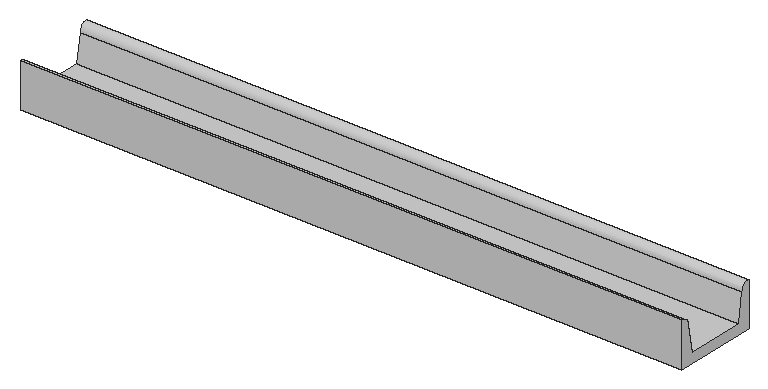
Revit family "c274df79faf747a5b1644932553f77e0", category Structural Stiffeners, Revit 2021
Family settings
  OmniClass Number = 23.25.30.11.27
  OmniClass Title = Vibration and Earthquake Controls
  Seek Item ID = Linear Stiffener-Channel-0000-USA-ENU
  Cut with Voids When Loaded = No
  Shared = No
Parameters (values of type "C3X6")
  x = 0' - 0 29/64"
  tw = 0' - 0 91/256"
  tf = 0' - 0 35/128"
  d = 0' - 3"
  bf = 0' - 1 153/256"
  W = 6
  Stiffener Material [instance] = Steel ASTM A36
  built-in parameter 1001306 [instance] = 2' - 0"
  Assembly Code = ""
  A = 0.01 SF
Reference planes (in)
  plane 1 "Center (Front/Back)": y = 0.78625
  plane 2: z = 0
  plane 3 "Left": x = 0
  plane 4 "Right": x = 24
  plane 5: y = 0.51282
  plane 6: y = -2.21375
  plane 7: z = 0.35547
  plane 8: z = 0.45312
  plane 9: z = 1.59766
  plane 10: y = -0.71375
  plane 11: y = -1.94031
Forms (in)
  Sweep 1, solid, material "Steel ASTM A36" <- "Stiffener Material", detail levels fine
    path in 3D
      loop
        line (0, 0.78625, 0) -> (24, 0.78625, 0)
    profile origin (12, 0.78625, 0) x (0, 1, 0) y (0, 0, 1)
      loop
        arc (0, 1.59766) -> (-0.19335, 1.51757) -> (-0.27344, 1.32422) r 0.27344
        line (-0.27344, 1.32422) -> (-0.42687, 0.35547) -> (-2.57313, 0.35547) -> (-2.72656, 1.32422)
        arc (-2.72656, 1.32422) -> (-2.80665, 1.51757) -> (-3, 1.59766) r 0.27344
        line (-3, 1.59766) -> (-3, 0) -> (0, 0) -> (0, 1.59766)
  Sweep 2, solid, material "Steel ASTM A36" <- "Stiffener Material", detail levels medium
    path in 3D
      loop
        line (0, 0.78625, 0) -> (24, 0.78625, 0)
    profile origin (12, 0.78625, 0) x (0, 1, 0) y (0, 0, 1)
      loop
        line (0, 1.59766) -> (-0.27344, 1.59766) -> (-0.38211, 0.35547) -> (-2.61789, 0.35547) -> (-2.72656, 1.59766) -> (-3, 1.59766) -> (-3, 0) -> (0, 0) -> (0, 1.59766)
Lines and regions (in)
  reference lines
    curve 1: line (0, 0.78625, 0) -> (24, 0.78625, 0)
  sketch lines
    curve 2: line (0, 0.78625, 0) -> (24, 0.78625, 0)
    curve 3: line (0, 0.78625, 0) -> (24, 0.78625, 0)
Dimensions and locks (in)
  "built-in parameter 1001306": plane 3 "Left" to plane 4 "Right"
  "tw": plane 7 to plane 2
  "x": plane 8 to plane 2
  "bf": plane 9 to plane 2
  "tf": plane 1 "Center (Front/Back)" to plane 5
  "d": plane 1 "Center (Front/Back)" to plane 6
  equal spacing: plane 1 "Center (Front/Back)", plane 10, plane 6
  "tf": plane 6 to plane 11
  "tf": radius of Sweep 1 sketch curve  (x2)
  locked: plane 5 to Sweep 1 sketch curve (angle 9.00°)
  locked: Sweep 1 sketch curve to plane 11 (angle 9.00°)
  locked: plane 5 to Sweep 2 sketch curve (angle 5.00°)
  locked: Sweep 2 sketch curve to plane 11 (angle 5.00°)
  aligned and locked: plane 4 "Right" to curve 1
  aligned and locked: plane 1 "Center (Front/Back)" to curve 1
  aligned and locked: plane 3 "Left" to curve 1
  aligned and locked: plane 9 to Sweep 1 sketch curve  (x2)
  aligned and locked: plane 6 to Sweep 1 sketch curve
  aligned and locked: plane 7 to Sweep 1 sketch curve
  aligned and locked: Sweep 2 sketch curve to plane 9
  aligned and locked: plane 9 to Sweep 2 sketch curve  (x2)
  aligned and locked: plane 6 to Sweep 2 sketch curve
  aligned and locked: Sweep 2 sketch curve to plane 7
  aligned and locked: plane 5 to Sweep 2 sketch curve
  aligned and locked: plane 11 to Sweep 2 sketch curve
Automatic sketch dimensions
  Sweep 2 sketch curve to profile plane = 0' - 0"  (x2)
  Sweep 1 sketch curve to profile plane = 0' - 0"  (x2)
